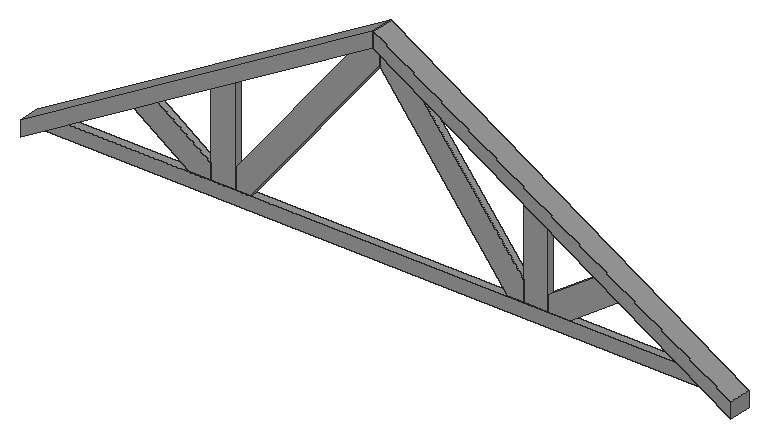
Revit family "DoubleFanTruss", category Structural Framing, Revit 2023
Family settings
  Section Shape = Not Defined
  Material for Model Behavior = Wood
  Always export as geometry = No
  OmniClass Number = 23.25.30.21.14
  OmniClass Title = Trussed Beams and Joists
  Work Plane-Based = No
  Always vertical = Yes
  Cut with Voids When Loaded = No
  Symbolic Representation = From Family
  Shared = No
  Show family pre-cut in plan views = Yes
Parameters
  WebWidth [instance] = 140 mm
  TopWidth [instance] = 500 mm
  WebDepth [instance] = 550 mm
  Structural Material [instance] = Poche
  SpanRight [instance] = 7000 mm
  SpanLeft [instance] = 7000 mm
  Span [instance] = SpanLeft + SpanRight  # 14000 mm
  SlopeRight [instance] = 30.00°
  SlopeLeft [instance] = 30.00°
  OverhangRight [instance] = 900 mm
  OverhangLeft [instance] = 1000 mm
  BottomWidth [instance] = 180 mm
  BottomDepth [instance] = 300 mm
  TopDepth [instance] = 300 mm
Reference planes
  plane 1 "Center (Front/Back)": y = 0
  plane 2: z = 0
  plane 3 "Center (Left/Right)": x = 0
  plane 4: x = 7000
  plane 5: x = 8000
  plane 6: x = -7000
  plane 7: x = -7900
  plane 8: z = 300
  plane 9: x = 3500
  plane 10: x = -3500
  plane 11: x = 3775
  plane 12: x = -3775
  plane 13: x = -3225
  plane 14: x = 3225
  plane 15: x = 5250
  plane 16: x = -5250
Forms (mm)
  Extrusion 1, solid, material "Cherry"
    sketch origin (0, 0, 0) x (1, 0, 0) y (0, 0, 1)
      loop
        line (-7900, 126.795) -> (-7900, -219.615) -> (0, 4341.452) -> (0, 4687.862) -> (-7900, 126.795)
    from -250 to 250
  Extrusion 2, solid, material "Cherry"
    sketch origin (9125, 0, 9254.6) x (1, 0, 0) y (0, 0, 1)
      loop
        line (-1125, -9531.95) -> (-1125, -9185.54) -> (-9125, -4566.738) -> (-9125, -4913.148) -> (-1125, -9531.95)
    from -250 to 250
  Extrusion 3, solid, material "Cherry"
    sketch origin (0, 0, 0) x (1, 0, 0) y (0, 0, 1)
      loop
        line (7519.615, 0) -> (7000, 300) -> (-7000, 300) -> (-7519.615, 0) -> (7519.615, 0)
    from -90 to 90
  Extrusion 4, solid, material "Cherry"
    sketch origin (0, 0, 0) x (1, 0, 0) y (0, 0, 1)
      loop
        line (-3225, 2479.497) -> (-3775, 2161.955) -> (-3775, 300) -> (-3225, 300) -> (-3225, 2479.497)
    from -70 to 70
  Extrusion 5, solid, material "Cherry"
    sketch origin (0, 0, 0) x (1, 0, 0) y (0, 0, 1)
      loop
        line (3775, 2161.955) -> (3225, 2479.497) -> (3225, 300) -> (3775, 300) -> (3775, 2161.955)
    from -70 to 70
  Extrusion 6, solid, material "Cherry"
    sketch origin (0, 0, 0) x (1, 0, 0) y (0, 0, 1)
      loop
        line (-2873.175, 300) -> (0, 3900.557) -> (0, 4341.452) -> (-652.391, 3964.794) -> (-3225, 740.894) -> (-3225, 300) -> (-2873.175, 300)
    from -70 to 70
  Extrusion 7, solid, material "Cherry"
    sketch origin (0, 0, 0) x (1, 0, 0) y (0, 0, 1)
      loop
        line (652.391, 3964.794) -> (0, 4341.452) -> (0, 3900.557) -> (2873.175, 300) -> (3225, 300) -> (3225, 740.894) -> (652.391, 3964.794)
    from -70 to 70
  Extrusion 8, solid, material "Cherry"
    sketch origin (0, 0, 0) x (1, 0, 0) y (0, 0, 1)
      loop
        line (-3775, 633.331) -> (-4985.943, 1462.817) -> (-5514.057, 1157.909) -> (-4261.62, 300) -> (-3775, 300) -> (-3775, 633.331)
    from -70 to 70
  Extrusion 9, solid, material "Cherry"
    sketch origin (0, 0, 0) x (1, 0, 0) y (0, 0, 1)
      loop
        line (4261.62, 300) -> (5514.057, 1157.909) -> (4985.943, 1462.817) -> (3775, 633.331) -> (3775, 300) -> (4261.62, 300)
    from -70 to 70
Lines and regions (mm)
  reference lines
    curve 1: line (0, 250, 1795.888) -> (0, 250, -804.112)
    curve 2: line (0, -250, 1795.888) -> (0, -250, -804.112)
    curve 3: line (0, -70, 1795.888) -> (0, -70, -804.112)
    curve 4: line (0, -90, 1795.888) -> (0, -90, -804.112)
    curve 5: line (0, 70, 1795.888) -> (0, 70, -804.112)
    curve 6: line (0, 90, 1795.888) -> (0, 90, -804.112)
    curve 7: line (-7000, 0, 300) -> (1573.651, 0, 5250)
    curve 8: line (7000, 0, 300) -> (-534.421, 0, 4650)
    curve 9: line (-7128.558, 0, 572.187) -> (196.187, 0, 4801.131)
    curve 10: line (7128.558, 0, 572.187) -> (28.017, 0, 4671.686)
    curve 11: line (0, 0, 4341.452) -> (3225, 0, 300)
    curve 12: line (-3225, 0, 300) -> (0, 0, 4341.452)
    curve 13: line (-3366.421, 0, 563.67) -> (-141.421, 0, 4605.122)
    curve 14: line (-2986.026, 0, 158.579) -> (141.421, 0, 4077.782)
    curve 15: line (141.421, 0, 4605.122) -> (3366.421, 0, 563.67)
    curve 16: line (-141.421, 0, 4077.782) -> (2986.026, 0, 158.579)
    curve 17: line (3775, 0, 300) -> (5250, 0, 1310.363)
    curve 18: line (-3775, 0, 300) -> (-5250, 0, 1310.363)
    curve 19: line (3661.975, 0, 555.91) -> (5136.975, 0, 1566.273)
    curve 20: line (3888.025, 0, 44.09) -> (5363.025, 0, 1054.453)
    curve 21: line (-3661.975, 0, 555.91) -> (-5136.975, 0, 1566.273)
    curve 22: line (-3888.025, 0, 44.09) -> (-5363.025, 0, 1054.453)
Dimensions and locks
  "OverhangLeft": plane 4 to plane 5
  "OverhangRight": plane 6 to plane 7
  "SpanRight": plane 3 "Center (Left/Right)" to plane 6
  "SpanLeft": plane 3 "Center (Left/Right)" to plane 4
  equal spacing: curve 1, plane 1 "Center (Front/Back)", curve 2
  "TopWidth": curve 1 to curve 2
  equal spacing: curve 5, plane 1 "Center (Front/Back)", curve 3
  equal spacing: curve 6, plane 1 "Center (Front/Back)", curve 4
  "WebWidth": curve 5 to curve 3
  "BottomWidth": curve 6 to curve 4
  equal spacing: plane 4, plane 9, plane 3 "Center (Left/Right)"
  equal spacing: plane 3 "Center (Left/Right)", plane 10, plane 6
  "BottomDepth": plane 2 to plane 8
  "TopDepth": curve 9 to curve 7
  "TopDepth": curve 8 to curve 10
  equal spacing: plane 13, plane 10, plane 12
  equal spacing: plane 14, plane 9, plane 11
  "WebDepth": plane 13 to plane 12
  "WebDepth": plane 14 to plane 11
  equal spacing: plane 4, plane 15, plane 9
  equal spacing: plane 10, plane 16, plane 6
  equal spacing: curve 14, curve 12, curve 13
  "WebDepth": curve 14 to curve 13
  equal spacing: curve 16, curve 11, curve 15
  "WebDepth": curve 16 to curve 15
  equal spacing: curve 20, curve 17, curve 19
  "WebDepth": curve 20 to curve 19
  equal spacing: curve 21, curve 18, curve 22
  "WebDepth": curve 21 to curve 22
  "SlopeRight": angle curve 7 to plane 8
  "SlopeLeft": angle plane 8 to curve 8
  aligned and locked: plane 2 to level
  aligned and locked: plane 6 to curve 7
  aligned and locked: plane 8 to curve 7
  aligned and locked: plane 8 to curve 8
  aligned and locked: plane 4 to curve 8
  aligned and locked: Extrusion 1 sketch curve to curve 9
  aligned and locked: plane 3 "Center (Left/Right)" to Extrusion 1 sketch curve
  aligned and locked: Extrusion 1 sketch curve to curve 7
  aligned and locked: Extrusion 1 sketch curve to plane 7
  aligned and locked: Extrusion 2 sketch curve to curve 8
  aligned and locked: Extrusion 2 sketch curve to curve 10
  aligned and locked: plane 5 to Extrusion 2 sketch curve
  aligned and locked: plane 3 "Center (Left/Right)" to Extrusion 2 sketch curve
  aligned and locked: Extrusion 1 to curve 1
  aligned and locked: Extrusion 1 to curve 2
  aligned and locked: plane 2 to Extrusion 3 sketch curve
  aligned and locked: plane 8 to Extrusion 3 sketch curve
  aligned and locked: Extrusion 1 to Extrusion 3 sketch curve
  aligned and locked: Extrusion 2 to Extrusion 3 sketch curve
  aligned and locked: curve 6 to Extrusion 3
  aligned and locked: Extrusion 3 to curve 4
  aligned and locked: plane 13 to Extrusion 4 sketch curve
  aligned and locked: Extrusion 1 to Extrusion 4 sketch curve
  aligned and locked: Extrusion 4 sketch curve to plane 12
  aligned and locked: Extrusion 3 to Extrusion 4 sketch curve
  aligned and locked: Extrusion 5 sketch curve to plane 11
  aligned and locked: plane 14 to Extrusion 5 sketch curve
  aligned and locked: Extrusion 2 to Extrusion 5 sketch curve
  aligned and locked: Extrusion 3 to Extrusion 5 sketch curve
  aligned and locked: Extrusion 5 to curve 5
  aligned and locked: Extrusion 5 to curve 3
  aligned and locked: Extrusion 4 to curve 5
  aligned and locked: Extrusion 4 to curve 3
  aligned and locked: curve 14 to Extrusion 6 sketch curve
  aligned and locked: curve 13 to Extrusion 6 sketch curve
  aligned and locked: Extrusion 1 to Extrusion 6 sketch curve
  aligned and locked: Extrusion 6 sketch curve to plane 3 "Center (Left/Right)"
  aligned and locked: Extrusion 3 to Extrusion 6 sketch curve
  aligned and locked: plane 13 to Extrusion 6 sketch curve
  aligned and locked: curve 15 to Extrusion 7 sketch curve
  aligned and locked: curve 16 to Extrusion 7 sketch curve
  aligned and locked: Extrusion 5 to Extrusion 7 sketch curve
  aligned and locked: Extrusion 3 to Extrusion 7 sketch curve
  aligned and locked: Extrusion 7 sketch curve to plane 3 "Center (Left/Right)"
  aligned and locked: Extrusion 7 sketch curve to Extrusion 2
  aligned and locked: curve 21 to Extrusion 8 sketch curve
  aligned and locked: curve 22 to Extrusion 8 sketch curve
  aligned and locked: Extrusion 1 to Extrusion 8 sketch curve
  aligned and locked: Extrusion 4 to Extrusion 8 sketch curve
  aligned and locked: Extrusion 3 to Extrusion 8 sketch curve
  aligned and locked: curve 20 to Extrusion 9 sketch curve
  aligned and locked: curve 19 to Extrusion 9 sketch curve
  aligned and locked: Extrusion 2 to Extrusion 9 sketch curve
  aligned and locked: Extrusion 3 to Extrusion 9 sketch curve
  aligned and locked: Extrusion 9 sketch curve to Extrusion 5
  aligned and locked: Extrusion 6 to curve 5
  aligned and locked: Extrusion 6 to curve 3
  aligned and locked: Extrusion 7 to curve 5
  aligned and locked: Extrusion 7 to curve 3
  aligned and locked: curve 5 to Extrusion 8
  aligned and locked: Extrusion 8 to curve 3
  aligned and locked: curve 5 to Extrusion 9
  aligned and locked: Extrusion 9 to curve 3
  aligned and locked: Extrusion 2 to curve 1
  aligned and locked: Extrusion 2 to curve 2
Automatic sketch dimensions
  level to curve 6 = 804.112 mm
  curve 1 to curve 6 = 0 mm
  curve 4 to curve 1 = 0 mm
  curve 4 to curve 2 = 0 mm  (x2)
  curve 4 to curve 3 = 0 mm  (x2)
  curve 5 to curve 6 = 0 mm  (x2)
  curve 2 to plane 8 = 1495.888 mm
  curve 2 to curve 5 = 0 mm
  curve 1 to curve 5 = 0 mm
  plane 16 to curve 18 = 0 mm
  curve 18 to plane 8 = 0 mm
  curve 18 to plane 12 = 0 mm
  curve 12 to plane 8 = 0 mm
  plane 13 to curve 12 = 0 mm
  curve 12 to plane 3 "Center (Left/Right)" = 0 mm
  curve 11 to plane 8 = 0 mm
  plane 14 to curve 11 = 0 mm
  curve 17 to plane 8 = 0 mm
  curve 17 to plane 11 = 0 mm
  curve 17 to plane 15 = 0 mm
  curve 9 to plane 6 = 128.558 mm
  plane 16 to curve 22 = 113.025 mm
  curve 21 to plane 16 = 113.025 mm
  level to curve 22 = 44.09 mm
  plane 12 to curve 21 = 113.025 mm
  plane 10 to curve 13 = 133.579 mm
  plane 8 to curve 14 = 141.421 mm
  curve 16 to plane 3 "Center (Left/Right)" = 141.421 mm
  curve 13 to plane 3 "Center (Left/Right)" = 141.421 mm
  plane 3 "Center (Left/Right)" to curve 10 = 28.017 mm
  curve 10 to curve 15 = 113.404 mm
  plane 3 "Center (Left/Right)" to curve 14 = 141.421 mm
  plane 3 "Center (Left/Right)" to curve 9 = 196.187 mm
  plane 8 to curve 16 = 141.421 mm
  curve 15 to plane 9 = 133.579 mm
  curve 19 to plane 11 = 113.025 mm
  level to curve 20 = 44.09 mm
  curve 19 to plane 15 = 113.025 mm
  plane 15 to curve 20 = 113.025 mm
  curve 10 to plane 4 = 128.558 mm
